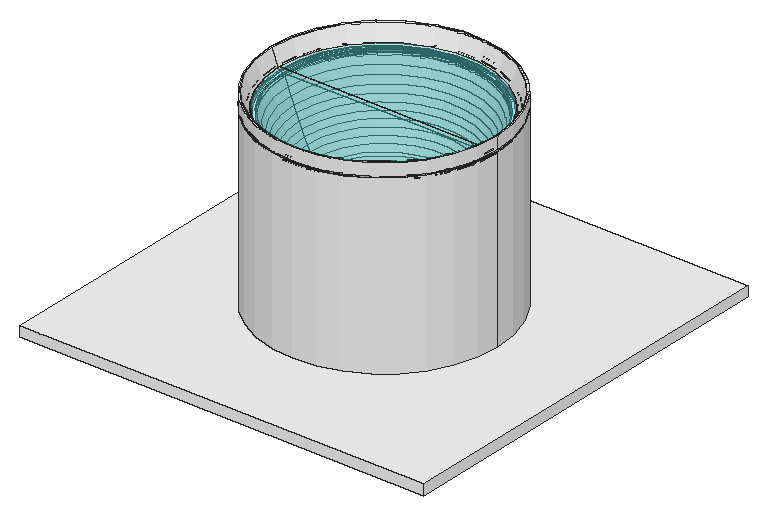
Revit family "BE_24656_de_DE", category Leuchten, Revit 2017
Family settings
  Basisbauteil = Fläche
  Bemaßung runder Anschluss = Durchmesser verwenden
  Teiletyp = Normal
  Beim Laden mit Abzugskörper schneiden = Ja
  Lichtquelle = Ja
  Gemeinsam genutzt = Nein
  Raumberechnungspunkt = Ja
Parameters (values of type "BEGA_24656_Weiß_K4")
  built-in parameter 1150104 = 12.19 (stored number, unit not read)
  Wattage = 71.1 W
  Default Elevation = 0 mm
  built-in parameter 1150113 = 1 (stored number, unit not read)
  built-in parameter 1114218 = 1 (stored number, unit not read)
  Umgebungstemperatur = "25 °C"
  URL = "https://www.bega.com/de/produkt/24656"
  Typenkommentare = "© 2022 BEGA. Wir behalten uns das Recht vor, technische Änderungen ohne vorherige Ankündigung vorzunehmen."  # constant formula
  built-in parameter 1150134 = 12
  built-in parameter 1150109 = 1 (stored number, unit not read)
  Strom = ""
  built-in parameter 1150110 = 1 (stored number, unit not read)
  Spannung = 239.996 V
  Sonderanfertigung = no
  Seriennummer [instance] = "Hier können Sie die eindeutige Seriennummer für das Facility Management eintragen."
  Schutzklasse = "I"
  Schutzart = "IP 65"
  Scheinlast = 0 VA
  Produktdatenblatt = "http://www.bega.de/download/Xrfa/db/24656.db.de.pdf"
  Oberflächentemperatur = ""
  Neigungswinkel = 0.00°
  Modell = "24656WK4"
  Material_20 = BEGA_Platte_Weiss
  Material_18 = BEGA_Gummi_schwarz
  Material_17 = BEGA_Reflektor
  Material_15 = BEGA_Leuchtmedium_matt
  Material_13 = BEGA_Kunststoff_matt
  Material_09 = BEGA_Glas_klar
  Material_06 = BEGA_Oberfläche_Edelstahl_gebürstet
  Material_03 = BEGA_Oberfläche_Weiss_matt
  Material_01 [instance] = BEGA_Oberfläche_Grafit_matt
  M_W = yes
  M_G = no
  Logo = 0
  built-in parameter 1114217 = 1 (stored number, unit not read)
  built-in parameter 1150139 = (empty or 0)
  built-in parameter 1150105 = 742.38 (stored number, unit not read)
  built-in parameter 1150114 = 1 (stored number, unit not read)
  Lumens = 9329.03 lm
  built-in parameter 1150115 = 1 (stored number, unit not read)
  Leuchtenlichtstrom = "9329 lm"
  Leuchtenanzahl = ""
  Lebensdauerkriterien = "L70B50 @ 25 °C = 140000 h"
  Lastklassifizierung = Beleuchtung
  built-in parameter 1150112 = 1 (stored number, unit not read)
  Lampenlichtstrom = "12630 lm"
  Lampe = "LED 71.1 W"
  LED_Modulbezeichnung = "LED-0806/840"
  built-in parameter 1150142 = (empty or 0)
  Hersteller = "BEGA"  # constant formula
  Halbstreuwinkel = ""
  Gewicht = "3.9 kg"
  Gebrauchslageneinschränkung [instance] = ""
  Frequenz = "0/50-60 Hz"
  Farbwiedergabeindex = "CRI > 80"
  Farbtemperaturverschiebung bei Dämpfen der Lampe = <Keine Auswahl>
  Farbtemperatur = "4000 K"
  Color Filter = 16777215
  built-in parameter 1150133 = 10 (stored number, unit not read)
  Energieeffizienzklasse = "LED A++ - A"
  built-in parameter 1150137 = (empty or 0)
  built-in parameter 1150132 = (empty or 0)
  ENEC = ""
  Dimmbar [instance] = "DALI"
  Datei für fotometrisches Netz = "BE_24656K4.IES"
  CE_Konformität = "ja"
  Bestellnummer = "24656WK4"
  Beschreibung_Sonderanfertigung = "Hier können Sie Informationen zur Sonderanfertigung eintragen."
  Beschreibung = "Kompakttiefstrahler"
  built-in parameter 1150106 = 7.4238 (stored number, unit not read)
  Befestigungsbohrung = "Ø 6 mm"
  Befestigungsabstand = "188 mm"
  Ballwurfsicher = ""
  Anschlussleitung = ""
  Anschlussleistung [instance] = "76 W"
  Anschlusskasten = ""
  built-in parameter 1150107 = 4000 (stored number, unit not read)
  built-in parameter 1150102 = (empty or 0)
  built-in parameter 1150138 = (empty or 0)
  Aktualisierung = "2022-01-11T04:00:13"
  Abstand_zur_angestrahlten_Fläche [instance] = ""
  AC/DC = "AC/DC"
Types (4, lengths in mm): name | built-in parameter 1150104 | built-in parameter 1150134 | Modell | M_W | M_G | built-in parameter 1150105 | Lumens | Leuchtenlichtstrom | Lampenlichtstrom | LED_Modulbezeichnung | Farbtemperatur | Datei für fotometrisches Netz | Bestellnummer | built-in parameter 1150106 | built-in parameter 1150107
  BEGA_24656_Weiß_K4 | 12.19 (stored number, unit not read) | 12 | "24656WK4" | yes | no | 742.38 (stored number, unit not read) | 9329.03 lm | "9329 lm" | "12630 lm" | "LED-0806/840" | "4000 K" | "BE_24656K4.IES" | "24656WK4" | 7.4238 (stored number, unit not read) | 4000 (stored number, unit not read)
  BEGA_24656_Grafit_K3 | 11.881 (stored number, unit not read) | (empty or 0) | "24656K3" | no | yes | 723.6 (stored number, unit not read) | 9092.98 lm | "9093 lm" | "12310 lm" | "LED-0806/830" | "3000 K" | "BE_24656K3.IES" | "24656K3" | 7.236 (stored number, unit not read) | 3000 (stored number, unit not read)
  BEGA_24656_Grafit_K4 | 12.19 (stored number, unit not read) | 12 | "24656K4" | no | yes | 742.38 (stored number, unit not read) | 9329.03 lm | "9329 lm" | "12630 lm" | "LED-0806/840" | "4000 K" | "BE_24656K4.IES" | "24656K4" | 7.4238 (stored number, unit not read) | 4000 (stored number, unit not read)
  BEGA_24656_Weiß_K3 | 11.881 (stored number, unit not read) | (empty or 0) | "24656WK3" | yes | no | 723.6 (stored number, unit not read) | 9092.98 lm | "9093 lm" | "12310 lm" | "LED-0806/830" | "3000 K" | "BE_24656K3.IES" | "24656WK3" | 7.236 (stored number, unit not read) | 3000 (stored number, unit not read)
Reference planes
  plane 1 "Mitte (Vorne/Hinten)": y = 0
  plane 2: z = 0
  plane 3 "Mitte (Links/Rechts)": x = 0
  plane 4 "Links": x = -112.5
  plane 5 "Rechts": x = 112.5
  plane 6 "Unten": y = -112.5
  plane 7 "Oben": y = 112.5
  plane 8 "Vorne": z = 189.99
  plane 9 "Hinten": z = 0
Forms (mm)
  Extrusion 1, solid, material "BEGA_Platte_Weiss"
    sketch origin (0, -1119.2, 0) x (1, 0, 0) y (0, 1, 0)
      loop
        line (-200, 1319.2) -> (-200, 919.2) -> (200, 919.2) -> (200, 1319.2) -> (-200, 1319.2)
    from 0 to -10
  Extrusion 2, solid, material "BEGA_Dummy_matt", not visible
    sketch origin (77.149, -76.023, 0) x (1, 0, 0) y (0, 1, 0)
      loop
        circle (-77.149, 76.023) r 112.5
    from 0 to 189.99
Dimensions and locks
  plane 1 "Mitte (Vorne/Hinten)" to Extrusion 1 = 200 mm
  aligned and locked: Extrusion 1 to plane 2
  aligned and locked: level to Extrusion 1
Nested families
  nested 1: "BE_24656" at (0, 0, 0), type "BE_24656"
Connectors
  electrical at (0, 0, 0), driven by "Lastklassifizierung", driven by "Spannung", driven by "Scheinlast"
    settings: index 1, voltage 239.996 V, apparent load 0 VA, apparent load phase1 0 VA, apparent load phase2 0 VA, apparent load phase3 0 VA, power factor 1, load classification "Beleuchtung", number of poles 1, system type 31, power factor state 1, is connector primary yes, connector utility no, sub classification motor no, connector description ""
Definition of nested family "BE_24656"
  Parameters (values of type "BE_24656")
    Default Elevation = 1 mm
    URL = "http://www.bega.de/de/produkt"
    Type Comments = "© 2015 BEGA. Wir behalten uns das Recht vor, technische Änderungen ohne vorherige Ankündigung vorzunehmen. "  # constant formula
    Type Image = (empty or 0)
    Material_20 = none
    Material_18 = none
    Material_17 = none
    Material_15 = none
    Material_13 = none
    Material_09 = none
    Material_06 = none
    Material_03 = none
    Material_01 = none
    M_W = yes
    M_G = yes
    Länge_Platte = 250 mm  # constant formula
    Höhe_Platte = -10 mm  # constant formula
    Manufacturer = "BEGA"  # constant formula
    Breite_Platte = 250 mm  # constant formula
  Reference planes
    plane 1 "Mitte (Oben/Unten)": y = 0
    plane 2: z = 0
    plane 3 "Mitte (Links/Rechts)": x = 0
  Forms (mm)
    Extrusion 1, solid, detail levels medium
      sketch origin (0, 0, 0) x (1, 0, 0) y (0, 1, 0)
        loop
          line (-125, 125) -> (-125, -125) -> (125, -125) -> (125, 125) -> (-125, 125)
      from 0 to -10 <- "Höhe_Platte"
    Revolve 2, solid, material <- "Material_01", visible <- "M_G"
      sketch origin (0, 0, 0) x (1, 0, 0) y (0, 0, 1)
        loop
          line (-112.501, 3) -> (-108.465, 3) -> (-107.871, 20) -> (-105.965, 20) -> (-104.86, 51.65) -> (0, 51.65) -> (0, 56.65) -> (-103.826, 56.65) -> (-107.395, 159) -> (-110.5, 159) -> (-110.5, 174.4) -> (-111.371, 174.4) -> (-111.371, 176) -> (-112.5, 176) -> (-112.501, 3)
        axis (0, 176) -> (0, 3)
      angle from 0 to 360
    Revolve 3, solid, material <- "Material_01", visible <- "M_G"
      sketch origin (0, 0, 0) x (1, 0, 0) y (0, 0, 1)
        loop
          line (-104, 172) -> (-110.834, 189.564)
          arc (-110.834, 189.564) -> (-111.08, 189.873) -> (-111.458, 189.99) r 0.669
          line (-111.458, 189.99) -> (-112.5, 189.99) -> (-112.5, 177.534)
          arc (-112.5, 177.534) -> (-112.344, 177.156) -> (-111.966, 177) r 0.534
          line (-111.966, 177) -> (-109.25, 177)
          arc (-109.25, 177) -> (-107.254, 175.13) -> (-108.991, 173.017) r 2
          arc (-108.991, 173.017) -> (-109.355, 172.823) -> (-109.5, 172.436) r 0.585
          line (-109.5, 172.436) -> (-109.5, 159) -> (-106.936, 159)
          arc (-106.936, 159) -> (-106.334, 159.243) -> (-106.07, 159.836) r 0.866
          line (-106.07, 159.836) -> (-105.75, 169) -> (-100.971, 169)
          arc (-100.971, 169) -> (-100.335, 169.257) -> (-100.056, 169.883) r 0.915
          line (-100.056, 169.883) -> (-100, 171.5) -> (-101.5, 171.5) -> (-101.5, 170.707) -> (-103.955, 170.707) -> (-104, 172)
        axis (0, 189.99) -> (0, 159)
      angle from 0 to 360
    Revolve 4, solid, material <- "Material_18"
      sketch origin (0, 0, 0) x (1, 0, 0) y (0, 0, 1)
        loop
          arc (-109.25, 177) -> (-110.664, 176.414) -> (-111.25, 175) r 2
          arc (-111.25, 175) -> (-110.664, 173.586) -> (-109.25, 173) r 2
          arc (-109.25, 173) -> (-107.25, 175) -> (-109.25, 177) r 2
        axis (0, 177) -> (0, 173)
      angle from 0 to 360
    Revolve 5, solid, material <- "Material_09"
      sketch origin (0, 0, 0) x (1, 0, 0) y (0, 0, 1)
        loop
          line (0, 175.6) -> (-102.93, 175.6) -> (-103.5, 175.03) -> (-103.5, 172.066) -> (-102.934, 171.5) -> (0, 171.5) -> (0, 175.6)
        axis (0, 175.6) -> (0, 171.5)
      angle from 0 to 360
    Revolve 6, solid, material <- "Material_18"
      sketch origin (0, 0, 0) x (1, 0, 0) y (0, 0, 1)
        loop
          line (-103.5, 171.5) -> (-103.5, 170.673) -> (-99, 170.673) -> (-99, 171.5) -> (-103.5, 171.5)
        axis (0, 171.5) -> (0, 170.5)
      angle from 0 to 360
    Revolve 7, solid, material <- "Material_17"
      sketch origin (0, 0, 0) x (1, 0, 0) y (0, 0, 1)
        loop
          line (-98.499, 168.6) -> (-103.937, 168.6) -> (-104, 166.8) -> (-99.234, 166.8) -> (-96.517, 159.791) -> (-95.188, 156.383) -> (-93.177, 151.277) -> (-91.651, 147.453) -> (-90.107, 143.636) -> (-89.001, 140.941) -> (-87.884, 138.252) -> (-86.861, 135.822) -> (-85.826, 133.399) -> (-84.352, 130.007) -> (-82.851, 126.628) -> (-81.32, 123.261) -> (-79.915, 120.247) -> (-78.481, 117.245) -> (-77.124, 114.47) -> (-76.208, 112.633) -> (-75.278, 110.798) -> (-74.328, 108.952) -> (-73.367, 107.11) -> (-71.422, 103.458) -> (-69.445, 99.838) -> (-68.323, 97.819) -> (-67.191, 95.808) -> (-65.833, 93.425) -> (-64.464, 91.05) -> (-63.06, 88.644) -> (-61.646, 86.245) -> (-58.809, 81.501) -> (-55.94, 76.777) -> (-54.013, 73.636) -> (-50.133, 67.372) -> (-45.411, 59.8) -> (-32, 59.8) -> (-32, 61.6) -> (-43.962, 61.6)
          arc (-43.962, 61.6) -> (-44.354, 61.703) -> (-44.646, 61.984) r 0.801
          line (-44.646, 61.984) -> (-45.781, 63.848) -> (-46.489, 64.997) -> (-46.911, 65.674) -> (-47.335, 66.35)
          arc (-47.335, 66.35) -> (-48.476, 68.163) -> (-49.624, 69.972) r 508.367
          line (-49.624, 69.972) -> (-50.469, 71.355)
          arc (-50.469, 71.355) -> (-52.067, 73.998) -> (-53.677, 76.632) r 632.288
          arc (-53.677, 76.632) -> (-55.093, 78.981) -> (-56.516, 81.324) r 780.829
          line (-56.516, 81.324) -> (-57.044, 82.188)
          arc (-57.044, 82.188) -> (-58.714, 84.982) -> (-60.393, 87.77) r 998.619
          arc (-60.393, 87.77) -> (-62.046, 90.579) -> (-63.706, 93.383) r 1233.048
          arc (-63.706, 93.383) -> (-64.614, 94.964) -> (-65.525, 96.544) r 1456.641
          line (-65.525, 96.544) -> (-66.917, 99.035)
          arc (-66.917, 99.035) -> (-68.46, 101.889) -> (-70.008, 104.741) r 1786.746
          arc (-70.008, 104.741) -> (-71.507, 107.616) -> (-73.01, 110.488) r 2175.053
          arc (-73.01, 110.488) -> (-74.462, 113.395) -> (-75.918, 116.3) r 2648.009
          arc (-75.918, 116.3) -> (-77.314, 119.228) -> (-78.714, 122.154) r 3212.444
          line (-78.714, 122.154) -> (-81.414, 128.063) -> (-84.03, 134.015) -> (-86.653, 140.196) -> (-89.321, 146.673) -> (-92.12, 153.639) -> (-95.061, 161.089)
          arc (-95.061, 161.089) -> (-96.445, 164.611) -> (-97.82, 168.136) r 1360.614
          arc (-97.82, 168.136) -> (-98.088, 168.473) -> (-98.499, 168.6) r 0.728
        axis (0, 168.6) -> (0, 59.8)
      angle from 0 to 360
    Revolve 8, solid, material <- "Material_13"
      sketch origin (0, 0, 0) x (1, 0, 0) y (0, 0, 1)
        loop
          arc (-36.617, 65.767) -> (-35.411, 63.376) -> (-33.999, 61.1) r 30.4
          line (-33.999, 61.1) -> (-32, 61.1) -> (-32, 59.8) -> (-33.25, 59.8) -> (-33.25, 58.805) -> (-29.94, 58.805) -> (-29.464, 86.055) -> (0, 86.055) -> (0, 89.498)
          arc (0, 89.498) -> (-1.628, 89.395) -> (-3.23, 89.091) r 13.124
          line (-3.23, 89.091) -> (-3.32, 90.258)
          arc (-3.32, 90.258) -> (-4.919, 89.75) -> (-6.452, 89.066) r 14.895
          line (-6.452, 89.066) -> (-6.733, 90.909)
          arc (-6.733, 90.909) -> (-8.24, 90.037) -> (-9.659, 89.027) r 18.353
          line (-9.659, 89.027) -> (-10.196, 91.412)
          arc (-10.196, 91.412) -> (-11.568, 90.246) -> (-12.846, 88.978) r 23.47
          line (-12.846, 88.978) -> (-13.665, 91.764)
          arc (-13.665, 91.764) -> (-14.882, 90.38) -> (-16.012, 88.924) r 30.207
          line (-16.012, 88.924) -> (-17.108, 91.983)
          arc (-17.108, 91.983) -> (-18.169, 90.451) -> (-19.156, 88.868) r 38.519
          line (-19.156, 88.868) -> (-20.505, 92.101)
          arc (-20.505, 92.101) -> (-21.424, 90.474) -> (-22.279, 88.814) r 48.409
          line (-22.279, 88.814) -> (-23.85, 92.147)
          arc (-23.85, 92.147) -> (-24.643, 90.466) -> (-25.384, 88.762) r 59.932
          line (-25.384, 88.762) -> (-27.144, 92.146)
          arc (-27.144, 92.146) -> (-27.83, 90.438) -> (-28.473, 88.713) r 73.21
          line (-28.473, 88.713) -> (-30.391, 92.117)
          arc (-30.391, 92.117) -> (-31.054, 90.201) -> (-31.672, 88.27) r 88.404
          line (-31.672, 88.27) -> (-33.971, 84.481) -> (-32.288, 84.184)
          arc (-32.288, 84.184) -> (-33.23, 82.114) -> (-33.949, 79.956) r 21.689
          line (-33.949, 79.956) -> (-32.74, 79.956)
          arc (-32.74, 79.956) -> (-33.315, 77.481) -> (-33.575, 74.954) r 20.238
          line (-33.575, 74.954) -> (-34.378, 74.954)
          arc (-34.378, 74.954) -> (-34.311, 72.683) -> (-34, 70.433) r 21.121
          line (-34, 70.433) -> (-35.485, 70.433)
          arc (-35.485, 70.433) -> (-34.859, 68.063) -> (-33.998, 65.767) r 24.447
          line (-33.998, 65.767) -> (-36.617, 65.767)
        axis (0, 92.147) -> (0, 58.805)
      angle from 0 to 360
    Revolve 9, solid, material <- "Material_01", visible <- "M_G"
      sketch origin (0, 0, 0) x (1, 0, 0) y (0, 0, 1)
        loop
          arc (106.545, 16.535) -> (106.173, 17.279) -> (105.358, 17.532) r 1
          arc (105.358, 17.532) -> (103.148, 18.744) -> (103.878, 21.156) r 2
          arc (103.878, 21.156) -> (104.303, 22.279) -> (103.342, 23) r 1
          line (103.342, 23) -> (99.726, 23) -> (99.203, 8) -> (0, 8) -> (0, 5) -> (103.946, 5) -> (104.085, 1) -> (107.087, 1) -> (106.545, 16.535)
        axis (0, 23) -> (0, 1)
      angle from 0 to 360
    Extrusion 10, solid, material <- "Material_20"
      sketch origin (0, 0, 0) x (1, 0, 0) y (0, 0, 1)
        loop
          line (25, 58.2) -> (-25, 58.2) -> (-25, 56.65) -> (25, 56.65) -> (25, 58.2)
      from -60 to 27
    Extrusion 11, void
      sketch origin (0, 0, 0) x (1, 0, 0) y (0, 0, 1)
        loop
          arc (7.847, 12) -> (7.201, 13.579) -> (5.632, 14.25) r 2.247
          line (5.632, 14.25) -> (-5.632, 14.25)
          arc (-5.632, 14.25) -> (-7.201, 13.579) -> (-7.847, 12) r 2.247
          arc (-7.847, 12) -> (-7.204, 10.422) -> (-5.638, 9.75) r 2.247
          line (-5.638, 9.75) -> (5.638, 9.75)
          arc (5.638, 9.75) -> (7.204, 10.422) -> (7.847, 12) r 2.247
        loop
          circle (3.5, 18) r 1.5
        loop
          circle (0, 18) r 1.5
        loop
          circle (-3.5, 18) r 1.5
      from -114.501 to -106.857
    Revolve 12, void
      sketch origin (0, 0, 0) x (0, 1, 0) y (0, 0, 1)
        loop
          line (18, 58.2) -> (0, 58.2) -> (0, 56.65) -> (18, 56.65) -> (18, 58.2)
        axis (0, 58.2) -> (0, 56.65)
      angle from 0 to 360
    Revolve 13, solid, material <- "Material_15"
      sketch origin (0, 0, 0) x (0, 1, 0) y (0, 0, 1)
        loop
          line (0, 57.95) -> (0, 56.654) -> (17.809, 56.654) -> (17.809, 57.95) -> (0, 57.95)
        axis (0, 57.95) -> (0, 56.654)
      angle from 0 to 360
    Revolve 14, solid, material <- "Material_01", visible <- "M_G"
      sketch origin (-94, 0, 0) x (0, 1, 0) y (0, 0, 1)
        loop
          line (-8.445, 5.088) -> (-8.12, 1.369)
          arc (-8.12, 1.369) -> (-7.639, 0.394) -> (-6.626, 0) r 1.5
          line (-6.626, 0) -> (0, 0) -> (0, 5.088) -> (-8.445, 5.088)
        axis (0, 5.088) -> (0, 0)
      angle from 0 to 360
    Revolve 15, solid, material <- "Material_01", visible <- "M_G"
      sketch origin (94, 0, 0) x (0, 1, 0) y (0, 0, -1)
        loop
          line (-8.443, -5.064) -> (0, -5.064) -> (0, 0) -> (-6.626, 0)
          arc (-6.626, 0) -> (-7.639, -0.394) -> (-8.12, -1.369) r 1.5
          line (-8.12, -1.369) -> (-8.443, -5.064)
        axis (0, -5.064) -> (0, 0)
      angle from 0 to 360
    Extrusion 16, void
      sketch origin (0, 0, 0) x (1, 0, 0) y (0, 1, 0)
        loop
          circle (-94, 0) r 3.009
        loop
          circle (94, 0) r 3.009
      from 0 to 25.17
    Revolve 17, void
      sketch origin (0, 0, 0) x (0, 1, 0) y (0, 0, 1)
        loop
          line (98.466, 14.5) -> (98.466, 12) -> (110.145, 12) -> (110.145, 14.5) -> (98.466, 14.5)
        axis (98.466, 12) -> (110.145, 12)
      angle from 0 to 360
    Revolve 18, solid, material <- "Material_06"
      sketch origin (0, 0, 0) x (0, 1, 0) y (0, 0, 1)
        loop
          line (105.5, 12) -> (93.8, 12) -> (93.8, 9.5) -> (104.932, 9.5) -> (105.5, 10.068) -> (105.5, 12)
        axis (93.8, 12) -> (105.5, 12)
      angle from 0 to 360
    Extrusion 19, void
      sketch origin (0, 0, 0) x (1, 0, 0) y (0, 0, 1)
        loop
          line (-1.25, 11.278) -> (0, 10.557) -> (1.25, 11.278) -> (1.25, 12.722) -> (0, 13.443) -> (-1.25, 12.722) -> (-1.25, 11.278)
      from -114.501 to -102.1
    Revolve 20, solid, material <- "Material_03", visible <- "M_W"
      sketch origin (0, 0, 0) x (1, 0, 0) y (0, 0, 1)
        loop
          line (-104, 172) -> (-110.834, 189.564)
          arc (-110.834, 189.564) -> (-111.08, 189.873) -> (-111.458, 189.99) r 0.669
          line (-111.458, 189.99) -> (-112.5, 189.99) -> (-112.5, 177.534)
          arc (-112.5, 177.534) -> (-112.344, 177.156) -> (-111.966, 177) r 0.534
          line (-111.966, 177) -> (-109.25, 177)
          arc (-109.25, 177) -> (-107.254, 175.13) -> (-108.991, 173.017) r 2
          arc (-108.991, 173.017) -> (-109.355, 172.823) -> (-109.5, 172.436) r 0.585
          line (-109.5, 172.436) -> (-109.5, 159) -> (-106.936, 159)
          arc (-106.936, 159) -> (-106.334, 159.243) -> (-106.07, 159.836) r 0.866
          line (-106.07, 159.836) -> (-105.75, 169) -> (-100.971, 169)
          arc (-100.971, 169) -> (-100.335, 169.257) -> (-100.056, 169.883) r 0.915
          line (-100.056, 169.883) -> (-100, 171.5) -> (-101.5, 171.5) -> (-101.5, 170.707) -> (-103.955, 170.707) -> (-104, 172)
        axis (0, 189.99) -> (0, 159)
      angle from 0 to 360
    Revolve 21, solid, material <- "Material_03", visible <- "M_W"
      sketch origin (0, 0, 0) x (1, 0, 0) y (0, 0, 1)
        loop
          line (-112.501, 3) -> (-108.465, 3) -> (-107.871, 20) -> (-105.965, 20) -> (-104.86, 51.65) -> (0, 51.65) -> (0, 56.65) -> (-103.826, 56.65) -> (-107.395, 159) -> (-110.5, 159) -> (-110.5, 174.4) -> (-111.371, 174.4) -> (-111.371, 176) -> (-112.5, 176) -> (-112.501, 3)
        axis (0, 176) -> (0, 3)
      angle from 0 to 360
    Revolve 22, solid, material <- "Material_03", visible <- "M_W"
      sketch origin (0, 0, 0) x (1, 0, 0) y (0, 0, 1)
        loop
          arc (106.545, 16.535) -> (106.173, 17.279) -> (105.358, 17.532) r 1
          arc (105.358, 17.532) -> (103.148, 18.744) -> (103.878, 21.156) r 2
          arc (103.878, 21.156) -> (104.303, 22.279) -> (103.342, 23) r 1
          line (103.342, 23) -> (99.726, 23) -> (99.203, 8) -> (0, 8) -> (0, 5) -> (103.946, 5) -> (104.085, 1) -> (107.087, 1) -> (106.545, 16.535)
        axis (0, 23) -> (0, 1)
      angle from 0 to 360
    Revolve 23, solid, material <- "Material_03", visible <- "M_W"
      sketch origin (-94, 0, 0) x (0, 1, 0) y (0, 0, 1)
        loop
          line (-8.445, 5.088) -> (-8.12, 1.369)
          arc (-8.12, 1.369) -> (-7.639, 0.394) -> (-6.626, 0) r 1.5
          line (-6.626, 0) -> (0, 0) -> (0, 5.088) -> (-8.445, 5.088)
        axis (0, 5.088) -> (0, 0)
      angle from 0 to 360
    Revolve 24, solid, material <- "Material_03", visible <- "M_W"
      sketch origin (94, 0, 0) x (0, 1, 0) y (0, 0, -1)
        loop
          line (-8.443, -5.064) -> (0, -5.064) -> (0, 0) -> (-6.626, 0)
          arc (-6.626, 0) -> (-7.639, -0.394) -> (-8.12, -1.369) r 1.5
          line (-8.12, -1.369) -> (-8.443, -5.064)
        axis (0, -5.064) -> (0, 0)
      angle from 0 to 360
  Cuts and joins
    Extrusion 11, Revolve 12, Extrusion 16, Extrusion 19 cuts Revolve 2
    Extrusion 11, Extrusion 16, Revolve 17, Extrusion 19 cuts Revolve 9
    Revolve 12 cuts Extrusion 10
    Extrusion 16 cuts Revolve 5
    Extrusion 16 cuts Revolve 7
    Extrusion 16 cuts Revolve 14
    Extrusion 16 cuts Revolve 15
    Extrusion 19 cuts Revolve 18
    Extrusion 11 cuts Revolve 21
    Extrusion 16 cuts Revolve 22
    Extrusion 16 cuts Revolve 23
    Extrusion 16 cuts Revolve 24
  Dimensions and locks
    equal spacing: Extrusion 1 sketch curve, plane 3 "Mitte (Links/Rechts)", Extrusion 1 sketch curve
    equal spacing: Extrusion 1 sketch curve, plane 1 "Mitte (Oben/Unten)", Extrusion 1 sketch curve
    "Länge_Platte": Extrusion 1 sketch curve to Extrusion 1 sketch curve
    "Breite_Platte": Extrusion 1 sketch curve to Extrusion 1 sketch curve
    aligned and locked: Extrusion 1 to plane 2
    aligned and locked: level to Extrusion 1
  Automatic sketch dimensions
    Revolve 2 sketch curve to plane 3 "Mitte (Links/Rechts)" = 0 mm  (x2)
    Revolve 2 sketch curve to plane 3 "Mitte (Links/Rechts)" = 103.826 mm
    level to Revolve 2 sketch curve = 51.65 mm
    Revolve 2 sketch curve to Revolve 2 sketch curve = 1.034 mm
    level to Revolve 2 sketch curve = 20 mm
    Revolve 2 sketch curve to Revolve 2 sketch curve = 1.105 mm
    Revolve 2 sketch curve to Revolve 2 sketch curve = 3.569 mm
    Revolve 2 sketch curve to Revolve 2 sketch curve = 1.906 mm
    level to Revolve 2 sketch curve = 3 mm
    Revolve 2 sketch curve to Revolve 2 sketch curve = 0.594 mm
    Revolve 2 sketch curve to Revolve 2 sketch curve = 3.105 mm
    Revolve 2 sketch curve to Revolve 2 sketch curve = 0.871 mm
    Revolve 2 sketch curve to Revolve 2 sketch curve = 1.129 mm
    Revolve 2 sketch curve to Revolve 2 sketch curve = 4.036 mm
    Revolve 2 sketch curve to Revolve 2 sketch curve = 5 mm
    Revolve 2 sketch curve to Revolve 2 sketch curve = 102.35 mm
    Revolve 2 sketch curve to Revolve 2 sketch curve = 15.4 mm
    Revolve 2 sketch curve to Revolve 2 sketch curve = 1.6 mm
    Revolve 2 sketch curve to level = 413.745 mm
    Revolve 2 sketch curve to Revolve 2 sketch curve = 608.868 mm
    Revolve 3 sketch curve to plane 3 "Mitte (Links/Rechts)" = 0 mm
    Revolve 3 sketch curve to plane 3 "Mitte (Links/Rechts)" = 100 mm
    Revolve 3 sketch curve to Revolve 3 sketch curve = 0.056 mm
    Revolve 3 sketch curve to Revolve 3 sketch curve = 0.914 mm
    Revolve 3 sketch curve to Revolve 3 sketch curve = 0.529 mm
    Revolve 3 sketch curve to Revolve 3 sketch curve = 2.455 mm
    Revolve 3 sketch curve to Revolve 3 sketch curve = 0.045 mm
    Revolve 3 sketch curve to Revolve 3 sketch curve = 1.795 mm
    Revolve 3 sketch curve to Revolve 3 sketch curve = 0.32 mm
    Revolve 3 sketch curve to Revolve 3 sketch curve = 0.866 mm
    Revolve 3 sketch curve to Revolve 3 sketch curve = 3.165 mm
    Revolve 3 sketch curve to Revolve 3 sketch curve = 0.335 mm
    Revolve 3 sketch curve to Revolve 3 sketch curve = 2.564 mm  (x2)
    Revolve 3 sketch curve to Revolve 3 sketch curve = 1.584 mm
    Revolve 3 sketch curve to Revolve 3 sketch curve = 0.623 mm
    Revolve 3 sketch curve to Revolve 3 sketch curve = 2.716 mm
    Revolve 3 sketch curve to Revolve 3 sketch curve = 1.042 mm
    level to Revolve 3 sketch curve = 159 mm
    Revolve 3 sketch curve to Revolve 3 sketch curve = 0.836 mm
    Revolve 3 sketch curve to Revolve 3 sketch curve = 9.164 mm
    Revolve 3 sketch curve to Revolve 3 sketch curve = 0.883 mm
    Revolve 3 sketch curve to Revolve 3 sketch curve = 0.792 mm
    Revolve 3 sketch curve to Revolve 3 sketch curve = 1.617 mm
    Revolve 3 sketch curve to Revolve 3 sketch curve = 1.293 mm
    Revolve 3 sketch curve to Revolve 3 sketch curve = 3.436 mm
    Revolve 3 sketch curve to Revolve 3 sketch curve = 2 mm
    Revolve 3 sketch curve to Revolve 3 sketch curve = 11.787 mm
    Revolve 3 sketch curve to Revolve 3 sketch curve = 0.243 mm
    Revolve 3 sketch curve to level = 413.745 mm
    Revolve 3 sketch curve to Revolve 3 sketch curve = 594.877 mm
    Revolve 4 sketch curve to Revolve 4 sketch curve = 0 mm  (x8)
    Revolve 4 sketch curve to plane 3 "Mitte (Links/Rechts)" = 0 mm
    Revolve 4 sketch curve to plane 3 "Mitte (Links/Rechts)" = 109.25 mm
    level to Revolve 4 sketch curve = 175 mm
    Revolve 4 sketch curve to Revolve 4 sketch curve = 2 mm
    Revolve 4 sketch curve to level = 413.745 mm
    Revolve 4 sketch curve to Revolve 4 sketch curve = 607.868 mm
    Revolve 5 sketch curve to plane 3 "Mitte (Links/Rechts)" = 0 mm  (x2)
    Revolve 5 sketch curve to Revolve 5 sketch curve = 102.93 mm
    Revolve 5 sketch curve to Revolve 5 sketch curve = 0.57 mm  (x2)
    level to Revolve 5 sketch curve = 171.5 mm
    Revolve 5 sketch curve to Revolve 5 sketch curve = 3.53 mm
    Revolve 5 sketch curve to Revolve 5 sketch curve = 0.566 mm  (x2)
    Revolve 5 sketch curve to level = 413.745 mm
    Revolve 5 sketch curve to Revolve 5 sketch curve = 609.268 mm
    Revolve 6 sketch curve to plane 3 "Mitte (Links/Rechts)" = 0 mm
    Revolve 6 sketch curve to plane 3 "Mitte (Links/Rechts)" = 99 mm
    Revolve 6 sketch curve to Revolve 6 sketch curve = 4.5 mm
    level to Revolve 6 sketch curve = 170.673 mm
    Revolve 6 sketch curve to Revolve 6 sketch curve = 0.827 mm
    Revolve 6 sketch curve to level = 413.745 mm
    Revolve 6 sketch curve to Revolve 6 sketch curve = 613.368 mm
    Revolve 7 sketch curve to plane 3 "Mitte (Links/Rechts)" = 0 mm
    Revolve 7 sketch curve to plane 3 "Mitte (Links/Rechts)" = 32 mm
    Revolve 7 sketch curve to Revolve 7 sketch curve = 11.962 mm
    Revolve 7 sketch curve to Revolve 7 sketch curve = 0.684 mm
    Revolve 7 sketch curve to Revolve 7 sketch curve = 1.449 mm
    Revolve 7 sketch curve to Revolve 7 sketch curve = 1.135 mm
    Revolve 7 sketch curve to Revolve 7 sketch curve = 0.708 mm
    Revolve 7 sketch curve to Revolve 7 sketch curve = 0.421 mm
    Revolve 7 sketch curve to Revolve 7 sketch curve = 0.425 mm
    Revolve 7 sketch curve to Revolve 7 sketch curve = 2.289 mm
    Revolve 7 sketch curve to Revolve 7 sketch curve = 0.51 mm
    Revolve 7 sketch curve to Revolve 7 sketch curve = 0.845 mm
    Revolve 7 sketch curve to Revolve 7 sketch curve = 3.543 mm
    Revolve 7 sketch curve to Revolve 7 sketch curve = 1.927 mm
    Revolve 7 sketch curve to Revolve 7 sketch curve = 0.576 mm
    Revolve 7 sketch curve to Revolve 7 sketch curve = 0.528 mm
    Revolve 7 sketch curve to Revolve 7 sketch curve = 1.765 mm
    Revolve 7 sketch curve to Revolve 7 sketch curve = 2.836 mm
    Revolve 7 sketch curve to Revolve 7 sketch curve = 1.415 mm
    Revolve 7 sketch curve to Revolve 7 sketch curve = 1.404 mm
    Revolve 7 sketch curve to Revolve 7 sketch curve = 1.061 mm
    Revolve 7 sketch curve to Revolve 7 sketch curve = 1.369 mm
    Revolve 7 sketch curve to Revolve 7 sketch curve = 1.393 mm
    Revolve 7 sketch curve to Revolve 7 sketch curve = 1.666 mm
    Revolve 7 sketch curve to Revolve 7 sketch curve = 1.405 mm
    Revolve 7 sketch curve to Revolve 7 sketch curve = 1.123 mm
    Revolve 7 sketch curve to Revolve 7 sketch curve = 1.977 mm
    Revolve 7 sketch curve to Revolve 7 sketch curve = 1.945 mm
    Revolve 7 sketch curve to Revolve 7 sketch curve = 0.961 mm
    Revolve 7 sketch curve to Revolve 7 sketch curve = 0.95 mm
    Revolve 7 sketch curve to Revolve 7 sketch curve = 0.93 mm
    Revolve 7 sketch curve to Revolve 7 sketch curve = 0.917 mm
    Revolve 7 sketch curve to Revolve 7 sketch curve = 1.357 mm
    Revolve 7 sketch curve to Revolve 7 sketch curve = 0.232 mm
    Revolve 7 sketch curve to Revolve 7 sketch curve = 1.201 mm
    Revolve 7 sketch curve to Revolve 7 sketch curve = 2.606 mm
    Revolve 7 sketch curve to Revolve 7 sketch curve = 0.094 mm
    Revolve 7 sketch curve to Revolve 7 sketch curve = 1.437 mm
    Revolve 7 sketch curve to Revolve 7 sketch curve = 2.616 mm
    Revolve 7 sketch curve to Revolve 7 sketch curve = 2.938 mm
    Revolve 7 sketch curve to Revolve 7 sketch curve = 1.796 mm
    Revolve 7 sketch curve to Revolve 7 sketch curve = 2.623 mm
    Revolve 7 sketch curve to Revolve 7 sketch curve = 1.035 mm
    Revolve 7 sketch curve to Revolve 7 sketch curve = 1.231 mm
    Revolve 7 sketch curve to Revolve 7 sketch curve = 2.348 mm
    Revolve 7 sketch curve to Revolve 7 sketch curve = 0.32 mm
    Revolve 7 sketch curve to Revolve 7 sketch curve = 1.105 mm
    Revolve 7 sketch curve to Revolve 7 sketch curve = 2.33 mm
    Revolve 7 sketch curve to Revolve 7 sketch curve = 0.469 mm
    Revolve 7 sketch curve to Revolve 7 sketch curve = 1.057 mm
    Revolve 7 sketch curve to Revolve 7 sketch curve = 3.068 mm
    Revolve 7 sketch curve to Revolve 7 sketch curve = 1.329 mm
    Revolve 7 sketch curve to Revolve 7 sketch curve = 1.981 mm
    Revolve 7 sketch curve to Revolve 7 sketch curve = 0.735 mm
    Revolve 7 sketch curve to Revolve 7 sketch curve = 4.703 mm
    Revolve 7 sketch curve to Revolve 7 sketch curve = 0.063 mm
    Revolve 7 sketch curve to level = 203.432 mm
    Revolve 7 sketch curve to plane 3 "Mitte (Links/Rechts)" = 478.212 mm
    Revolve 7 sketch curve to Revolve 7 sketch curve = 114.155 mm
    Revolve 7 sketch curve to Revolve 7 sketch curve = 130.739 mm
    Revolve 7 sketch curve to Revolve 7 sketch curve = 191.9 mm
    Revolve 7 sketch curve to Revolve 7 sketch curve = 208.958 mm
    Revolve 7 sketch curve to Revolve 7 sketch curve = 203.208 mm
    Revolve 7 sketch curve to Revolve 7 sketch curve = 312.474 mm
    Revolve 7 sketch curve to Revolve 7 sketch curve = 359.701 mm
    Revolve 7 sketch curve to Revolve 7 sketch curve = 443.163 mm
    Revolve 7 sketch curve to Revolve 7 sketch curve = 533.729 mm
    plane 3 "Mitte (Links/Rechts)" to Revolve 7 sketch curve = 1170.478 mm
    Revolve 7 sketch curve to Revolve 7 sketch curve = 50.996 mm
    Revolve 7 sketch curve to Revolve 7 sketch curve = 70.883 mm
    Revolve 7 sketch curve to Revolve 7 sketch curve = 103.521 mm
    Revolve 7 sketch curve to Revolve 7 sketch curve = 107.277 mm
    Revolve 7 sketch curve to Revolve 7 sketch curve = 95.391 mm
    Revolve 7 sketch curve to Revolve 7 sketch curve = 117.396 mm
    Revolve 7 sketch curve to Revolve 7 sketch curve = 150.606 mm
    Revolve 7 sketch curve to Revolve 7 sketch curve = 172.135 mm
    Revolve 7 sketch curve to Revolve 7 sketch curve = 193.345 mm
    level to Revolve 7 sketch curve = 59.8 mm
    Revolve 7 sketch curve to Revolve 7 sketch curve = 1.8 mm  (x2)
    Revolve 7 sketch curve to Revolve 7 sketch curve = 0.384 mm
    Revolve 7 sketch curve to Revolve 7 sketch curve = 1.864 mm
    Revolve 7 sketch curve to Revolve 7 sketch curve = 1.149 mm
    Revolve 7 sketch curve to Revolve 7 sketch curve = 0.677 mm
    Revolve 7 sketch curve to Revolve 7 sketch curve = 0.676 mm
    Revolve 7 sketch curve to Revolve 7 sketch curve = 2.6 mm
    Revolve 7 sketch curve to Revolve 7 sketch curve = 1.384 mm
    Revolve 7 sketch curve to Revolve 7 sketch curve = 2.281 mm
    Revolve 7 sketch curve to Revolve 7 sketch curve = 3.141 mm
    Revolve 7 sketch curve to Revolve 7 sketch curve = 4.547 mm
    Revolve 7 sketch curve to Revolve 7 sketch curve = 0.177 mm
    Revolve 7 sketch curve to Revolve 7 sketch curve = 0.865 mm
    Revolve 7 sketch curve to Revolve 7 sketch curve = 4.743 mm
    Revolve 7 sketch curve to Revolve 7 sketch curve = 2.399 mm
    Revolve 7 sketch curve to Revolve 7 sketch curve = 2.406 mm
    Revolve 7 sketch curve to Revolve 7 sketch curve = 2.375 mm
    Revolve 7 sketch curve to Revolve 7 sketch curve = 2.383 mm
    Revolve 7 sketch curve to Revolve 7 sketch curve = 0.736 mm
    Revolve 7 sketch curve to Revolve 7 sketch curve = 2.011 mm
    Revolve 7 sketch curve to Revolve 7 sketch curve = 1.215 mm
    Revolve 7 sketch curve to Revolve 7 sketch curve = 2.019 mm
    Revolve 7 sketch curve to Revolve 7 sketch curve = 3.619 mm
    Revolve 7 sketch curve to Revolve 7 sketch curve = 3.652 mm
    Revolve 7 sketch curve to Revolve 7 sketch curve = 1.842 mm
    Revolve 7 sketch curve to Revolve 7 sketch curve = 1.846 mm
    Revolve 7 sketch curve to Revolve 7 sketch curve = 1.835 mm
    Revolve 7 sketch curve to Revolve 7 sketch curve = 1.837 mm
    Revolve 7 sketch curve to Revolve 7 sketch curve = 2.774 mm
    Revolve 7 sketch curve to Revolve 7 sketch curve = 3.003 mm
    Revolve 7 sketch curve to Revolve 7 sketch curve = 1.907 mm
    Revolve 7 sketch curve to Revolve 7 sketch curve = 1.107 mm
    Revolve 7 sketch curve to Revolve 7 sketch curve = 3.366 mm
    Revolve 7 sketch curve to Revolve 7 sketch curve = 1.435 mm
    Revolve 7 sketch curve to Revolve 7 sketch curve = 1.944 mm  (x2)
    Revolve 7 sketch curve to Revolve 7 sketch curve = 3.392 mm
    Revolve 7 sketch curve to Revolve 7 sketch curve = 0.617 mm
    Revolve 7 sketch curve to Revolve 7 sketch curve = 2.424 mm
    Revolve 7 sketch curve to Revolve 7 sketch curve = 2.429 mm
    Revolve 7 sketch curve to Revolve 7 sketch curve = 0.745 mm
    Revolve 7 sketch curve to Revolve 7 sketch curve = 2.695 mm
    Revolve 7 sketch curve to Revolve 7 sketch curve = 3.038 mm
    Revolve 7 sketch curve to Revolve 7 sketch curve = 0.779 mm
    Revolve 7 sketch curve to Revolve 7 sketch curve = 3.824 mm
    Revolve 7 sketch curve to Revolve 7 sketch curve = 2.363 mm
    Revolve 7 sketch curve to Revolve 7 sketch curve = 2.744 mm
    Revolve 7 sketch curve to Revolve 7 sketch curve = 3.407 mm
    Revolve 7 sketch curve to Revolve 7 sketch curve = 7.009 mm
    Revolve 7 sketch curve to Revolve 7 sketch curve = 1.072 mm
    level to Revolve 7 sketch curve = 660.773 mm
    Revolve 7 sketch curve to Revolve 7 sketch curve = 1.252 mm
    Revolve 7 sketch curve to Revolve 7 sketch curve = 1.414 mm
    Revolve 7 sketch curve to Revolve 7 sketch curve = 1.319 mm
    Revolve 7 sketch curve to Revolve 7 sketch curve = 1.457 mm
    Revolve 7 sketch curve to Revolve 7 sketch curve = 0.001 mm
    Revolve 7 sketch curve to Revolve 7 sketch curve = 0 mm  (x2)
    Revolve 7 sketch curve to level = 413.745 mm
    Revolve 7 sketch curve to Revolve 7 sketch curve = 616.268 mm
    Revolve 8 sketch curve to plane 3 "Mitte (Links/Rechts)" = 0 mm  (x2)
    Revolve 8 sketch curve to plane 3 "Mitte (Links/Rechts)" = 3.23 mm
    Revolve 8 sketch curve to Revolve 8 sketch curve = 0.09 mm  (x2)
    Revolve 8 sketch curve to Revolve 8 sketch curve = 3.222 mm
    Revolve 8 sketch curve to Revolve 8 sketch curve = 0.281 mm
    Revolve 8 sketch curve to plane 3 "Mitte (Links/Rechts)" = 8.899 mm
    Revolve 8 sketch curve to Revolve 8 sketch curve = 3.207 mm
    Revolve 8 sketch curve to Revolve 8 sketch curve = 0.537 mm
    Revolve 8 sketch curve to Revolve 8 sketch curve = 2.665 mm
    Revolve 8 sketch curve to Revolve 8 sketch curve = 3.187 mm
    Revolve 8 sketch curve to Revolve 8 sketch curve = 1.478 mm
    Revolve 8 sketch curve to Revolve 8 sketch curve = 0.221 mm
    Revolve 8 sketch curve to Revolve 8 sketch curve = 0.819 mm
    Revolve 8 sketch curve to Revolve 8 sketch curve = 3.166 mm
    Revolve 8 sketch curve to Revolve 8 sketch curve = 1.096 mm
    Revolve 8 sketch curve to Revolve 8 sketch curve = 3.144 mm
    Revolve 8 sketch curve to Revolve 8 sketch curve = 3.397 mm
    Revolve 8 sketch curve to Revolve 8 sketch curve = 3.123 mm
    Revolve 8 sketch curve to Revolve 8 sketch curve = 3.345 mm
    Revolve 8 sketch curve to Revolve 8 sketch curve = 3.105 mm
    Revolve 8 sketch curve to Revolve 8 sketch curve = 3.294 mm
    Revolve 8 sketch curve to Revolve 8 sketch curve = 3.089 mm
    Revolve 8 sketch curve to Revolve 8 sketch curve = 0.991 mm
    Revolve 8 sketch curve to Revolve 8 sketch curve = 16.587 mm
    Revolve 8 sketch curve to Revolve 8 sketch curve = 3.248 mm
    Revolve 8 sketch curve to Revolve 8 sketch curve = 2.208 mm
    Revolve 8 sketch curve to Revolve 8 sketch curve = 2.06 mm
    Revolve 8 sketch curve to Revolve 8 sketch curve = 2.824 mm
    Revolve 8 sketch curve to Revolve 8 sketch curve = 0.451 mm
    Revolve 8 sketch curve to Revolve 8 sketch curve = 1.25 mm
    Revolve 8 sketch curve to Revolve 8 sketch curve = 0.836 mm
    Revolve 8 sketch curve to Revolve 8 sketch curve = 1.21 mm
    Revolve 8 sketch curve to Revolve 8 sketch curve = 1.683 mm
    Revolve 8 sketch curve to Revolve 8 sketch curve = 1.998 mm
    Revolve 8 sketch curve to Revolve 8 sketch curve = 0.749 mm
    Revolve 8 sketch curve to Revolve 8 sketch curve = 0.425 mm
    Revolve 8 sketch curve to Revolve 8 sketch curve = 0.803 mm
    Revolve 8 sketch curve to Revolve 8 sketch curve = 1.485 mm
    Revolve 8 sketch curve to Revolve 8 sketch curve = 2.619 mm
    plane 3 "Mitte (Links/Rechts)" to Revolve 8 sketch curve = 0.012 mm
    plane 3 "Mitte (Links/Rechts)" to Revolve 8 sketch curve = 0.378 mm
    plane 3 "Mitte (Links/Rechts)" to Revolve 8 sketch curve = 1.687 mm
    Revolve 8 sketch curve to Revolve 8 sketch curve = 2.621 mm
    Revolve 8 sketch curve to Revolve 8 sketch curve = 4.096 mm
    Revolve 8 sketch curve to Revolve 8 sketch curve = 5.613 mm
    Revolve 8 sketch curve to Revolve 8 sketch curve = 7.161 mm
    Revolve 8 sketch curve to Revolve 8 sketch curve = 8.768 mm
    Revolve 8 sketch curve to Revolve 8 sketch curve = 10.494 mm
    Revolve 8 sketch curve to Revolve 8 sketch curve = 12.381 mm
    level to Revolve 8 sketch curve = 58.805 mm
    Revolve 8 sketch curve to Revolve 8 sketch curve = 0.995 mm
    Revolve 8 sketch curve to Revolve 8 sketch curve = 1.3 mm
    level to Revolve 8 sketch curve = 62.268 mm
    Revolve 8 sketch curve to Revolve 8 sketch curve = 1.733 mm
    Revolve 8 sketch curve to Revolve 8 sketch curve = 1.728 mm
    Revolve 8 sketch curve to Revolve 8 sketch curve = 4.667 mm  (x2)
    Revolve 8 sketch curve to Revolve 8 sketch curve = 1.755 mm
    Revolve 8 sketch curve to Revolve 8 sketch curve = 1.806 mm
    Revolve 8 sketch curve to Revolve 8 sketch curve = 1.848 mm
    Revolve 8 sketch curve to Revolve 8 sketch curve = 1.822 mm
    Revolve 8 sketch curve to Revolve 8 sketch curve = 1.334 mm
    Revolve 8 sketch curve to Revolve 8 sketch curve = 0.035 mm
    Revolve 8 sketch curve to Revolve 8 sketch curve = 0.297 mm  (x2)
    Revolve 8 sketch curve to Revolve 8 sketch curve = 1.641 mm
    Revolve 8 sketch curve to Revolve 8 sketch curve = 1.228 mm
    Revolve 8 sketch curve to Revolve 8 sketch curve = 0.545 mm
    Revolve 8 sketch curve to Revolve 8 sketch curve = 1.87 mm
    Revolve 8 sketch curve to Revolve 8 sketch curve = 2.216 mm
    Revolve 8 sketch curve to Revolve 8 sketch curve = 2.659 mm
    Revolve 8 sketch curve to Revolve 8 sketch curve = 0.048 mm
    Revolve 8 sketch curve to Revolve 8 sketch curve = 0.052 mm
    Revolve 8 sketch curve to Revolve 8 sketch curve = 0.055 mm
    Revolve 8 sketch curve to Revolve 8 sketch curve = 0.056 mm
    Revolve 8 sketch curve to Revolve 8 sketch curve = 2.786 mm
    Revolve 8 sketch curve to Revolve 8 sketch curve = 2.386 mm
    Revolve 8 sketch curve to Revolve 8 sketch curve = 1.843 mm
    Revolve 8 sketch curve to Revolve 8 sketch curve = 1.166 mm
    Revolve 8 sketch curve to level = 413.745 mm
    Revolve 8 sketch curve to Revolve 8 sketch curve = 692.767 mm
    Revolve 9 sketch curve to plane 3 "Mitte (Links/Rechts)" = 0 mm  (x2)
    level to Revolve 9 sketch curve = 8 mm
    plane 3 "Mitte (Links/Rechts)" to Revolve 9 sketch curve = 99.203 mm
    Revolve 9 sketch curve to Revolve 9 sketch curve = 0.524 mm
    Revolve 9 sketch curve to Revolve 9 sketch curve = 3.616 mm
    level to Revolve 9 sketch curve = 5 mm
    Revolve 9 sketch curve to Revolve 9 sketch curve = 4.743 mm
    level to Revolve 9 sketch curve = 1 mm
    Revolve 9 sketch curve to Revolve 9 sketch curve = 0.14 mm
    Revolve 9 sketch curve to Revolve 9 sketch curve = 1.658 mm
    Revolve 9 sketch curve to Revolve 9 sketch curve = 0.545 mm
    Revolve 9 sketch curve to Revolve 9 sketch curve = 3.002 mm
    Revolve 9 sketch curve to Revolve 9 sketch curve = 8.5 mm
    Revolve 9 sketch curve to Revolve 9 sketch curve = 3 mm
    Revolve 9 sketch curve to Revolve 9 sketch curve = 2.5 mm
    Revolve 9 sketch curve to Revolve 9 sketch curve = 1 mm
    Revolve 9 sketch curve to Revolve 9 sketch curve = 0.536 mm
    Revolve 9 sketch curve to Revolve 9 sketch curve = 0.188 mm
    Revolve 9 sketch curve to Revolve 9 sketch curve = 0.009 mm
    Revolve 9 sketch curve to Revolve 9 sketch curve = 0.999 mm
    level to Revolve 9 sketch curve = 16.535 mm
    Revolve 9 sketch curve to Revolve 9 sketch curve = 0 mm  (x2)
    Revolve 9 sketch curve to level = 413.745 mm
    Revolve 9 sketch curve to Revolve 9 sketch curve = 761.868 mm
    Extrusion 10 sketch curve to plane 3 "Mitte (Links/Rechts)" = 25 mm
    plane 3 "Mitte (Links/Rechts)" to Extrusion 10 sketch curve = 25 mm
    level to Extrusion 10 sketch curve = 56.65 mm
    Extrusion 10 sketch curve to Extrusion 10 sketch curve = 1.55 mm
    Extrusion 11 sketch curve to plane 3 "Mitte (Links/Rechts)" = 0 mm
    Extrusion 11 sketch curve to Extrusion 11 sketch curve = 3.5 mm
    Extrusion 11 sketch curve to plane 3 "Mitte (Links/Rechts)" = 5.6 mm
    Extrusion 11 sketch curve to Extrusion 11 sketch curve = 0 mm  (x4)
    Extrusion 11 sketch curve to Extrusion 11 sketch curve = 0.032 mm  (x2)
    Extrusion 11 sketch curve to Extrusion 11 sketch curve = 0.038 mm  (x2)
    plane 3 "Mitte (Links/Rechts)" to Extrusion 11 sketch curve = 3.5 mm
    plane 3 "Mitte (Links/Rechts)" to Extrusion 11 sketch curve = 5.6 mm
    level to Extrusion 11 sketch curve = 9.75 mm
    Extrusion 11 sketch curve to Extrusion 11 sketch curve = 2.247 mm  (x3)
    Extrusion 11 sketch curve to Extrusion 11 sketch curve = 0.006 mm  (x2)
    Extrusion 11 sketch curve to Extrusion 11 sketch curve = 3.75 mm
    Revolve 12 sketch curve to plane 1 "Mitte (Oben/Unten)" = 0 mm  (x2)
    Revolve 12 sketch curve to plane 1 "Mitte (Oben/Unten)" = 18 mm
    level to Revolve 12 sketch curve = 56.65 mm
    Revolve 12 sketch curve to Revolve 12 sketch curve = 1.55 mm
    Revolve 12 sketch curve to level = 609.6 mm
    Revolve 12 sketch curve to Revolve 12 sketch curve = 2285.607 mm
    Revolve 13 sketch curve to plane 1 "Mitte (Oben/Unten)" = 0 mm  (x2)
    Revolve 13 sketch curve to plane 1 "Mitte (Oben/Unten)" = 17.809 mm
    level to Revolve 13 sketch curve = 56.654 mm
    Revolve 13 sketch curve to Revolve 13 sketch curve = 1.296 mm
    Revolve 13 sketch curve to level = 609.6 mm
    Revolve 13 sketch curve to Revolve 13 sketch curve = 2285.857 mm
    Revolve 14 sketch curve to level = 0 mm
    Revolve 14 sketch curve to plane 1 "Mitte (Oben/Unten)" = 0 mm  (x2)
    plane 1 "Mitte (Oben/Unten)" to Revolve 14 sketch curve = 6.626 mm
    Revolve 14 sketch curve to Revolve 14 sketch curve = 1.82 mm
    Revolve 14 sketch curve to Revolve 14 sketch curve = 1.5 mm
    Revolve 14 sketch curve to Revolve 14 sketch curve = 3.588 mm
    level to Revolve 14 sketch curve = 1.369 mm  (x2)
    Revolve 14 sketch curve to Revolve 14 sketch curve = 0 mm
    Revolve 14 sketch curve to level = 609.6 mm
    Revolve 14 sketch curve to Revolve 14 sketch curve = 2338.718 mm
    Revolve 15 sketch curve to level = 0 mm
    Revolve 15 sketch curve to plane 1 "Mitte (Oben/Unten)" = 0 mm  (x2)
    plane 1 "Mitte (Oben/Unten)" to Revolve 15 sketch curve = 6.626 mm
    Revolve 15 sketch curve to Revolve 15 sketch curve = 1.818 mm
    Revolve 15 sketch curve to Revolve 15 sketch curve = 1.5 mm
    Revolve 15 sketch curve to Revolve 15 sketch curve = 3.564 mm
    level to Revolve 15 sketch curve = 1.369 mm  (x2)
    Revolve 15 sketch curve to Revolve 15 sketch curve = 0 mm
    Revolve 15 sketch curve to Revolve 15 sketch curve = 2338.743 mm
    Revolve 15 sketch curve to level = 609.6 mm
    Extrusion 16 sketch curve to Extrusion 16 sketch curve = 0 mm  (x3)
    plane 1 "Mitte (Oben/Unten)" to Extrusion 16 sketch curve = 0 mm  (x6)
    Extrusion 16 sketch curve to plane 3 "Mitte (Links/Rechts)" = 94 mm
    Extrusion 16 sketch curve to Extrusion 16 sketch curve = 3.009 mm  (x2)
    plane 3 "Mitte (Links/Rechts)" to Extrusion 16 sketch curve = 94 mm
    level to Revolve 18 sketch curve = 12 mm
    Revolve 18 sketch curve to plane 1 "Mitte (Oben/Unten)" = 93.8 mm
    Revolve 18 sketch curve to Revolve 18 sketch curve = 11.7 mm
    Revolve 18 sketch curve to Revolve 18 sketch curve = 2.5 mm
    Revolve 18 sketch curve to Revolve 18 sketch curve = 0.568 mm  (x2)
    level to Revolve 17 sketch curve = 14.5 mm
    Revolve 17 sketch curve to plane 1 "Mitte (Oben/Unten)" = 98.466 mm
    Revolve 17 sketch curve to Revolve 17 sketch curve = 11.679 mm
    Revolve 17 sketch curve to Revolve 17 sketch curve = 2.5 mm
    Revolve 17 sketch curve to Revolve 17 sketch curve = 9.421 mm
    Revolve 17 sketch curve to Revolve 17 sketch curve = 1.083 mm
    Revolve 17 sketch curve to Revolve 17 sketch curve = 0 mm
    plane 3 "Mitte (Links/Rechts)" to Revolve 20 sketch curve = 0 mm
    Revolve 20 sketch curve to plane 3 "Mitte (Links/Rechts)" = 100 mm
    Revolve 20 sketch curve to Revolve 20 sketch curve = 0.056 mm
    Revolve 20 sketch curve to Revolve 20 sketch curve = 0.914 mm
    Revolve 20 sketch curve to Revolve 20 sketch curve = 0.529 mm
    Revolve 20 sketch curve to Revolve 20 sketch curve = 2.455 mm
    Revolve 20 sketch curve to Revolve 20 sketch curve = 0.045 mm
    Revolve 20 sketch curve to Revolve 20 sketch curve = 1.795 mm
    Revolve 20 sketch curve to Revolve 20 sketch curve = 0.32 mm
    Revolve 20 sketch curve to Revolve 20 sketch curve = 0.866 mm
    Revolve 20 sketch curve to Revolve 20 sketch curve = 3.165 mm
    Revolve 20 sketch curve to Revolve 20 sketch curve = 0.335 mm
    Revolve 20 sketch curve to Revolve 20 sketch curve = 2.564 mm  (x2)
    Revolve 20 sketch curve to Revolve 20 sketch curve = 1.584 mm
    Revolve 20 sketch curve to Revolve 20 sketch curve = 0.623 mm
    Revolve 20 sketch curve to Revolve 20 sketch curve = 2.716 mm
    Revolve 20 sketch curve to Revolve 20 sketch curve = 1.042 mm
    level to Revolve 20 sketch curve = 159 mm
    Revolve 20 sketch curve to Revolve 20 sketch curve = 0.836 mm
    Revolve 20 sketch curve to Revolve 20 sketch curve = 9.164 mm
    Revolve 20 sketch curve to Revolve 20 sketch curve = 0.883 mm
    Revolve 20 sketch curve to Revolve 20 sketch curve = 0.792 mm
    Revolve 20 sketch curve to Revolve 20 sketch curve = 1.617 mm
    Revolve 20 sketch curve to Revolve 20 sketch curve = 1.293 mm
    Revolve 20 sketch curve to Revolve 20 sketch curve = 3.436 mm
    Revolve 20 sketch curve to Revolve 20 sketch curve = 2 mm
    Revolve 20 sketch curve to Revolve 20 sketch curve = 11.787 mm
    Revolve 20 sketch curve to Revolve 20 sketch curve = 0.243 mm
    Revolve 20 sketch curve to level = 413.745 mm
    Revolve 20 sketch curve to Revolve 20 sketch curve = 594.877 mm
    Revolve 21 sketch curve to plane 3 "Mitte (Links/Rechts)" = 0 mm  (x2)
    Revolve 21 sketch curve to Revolve 21 sketch curve = 103.826 mm
    level to Revolve 21 sketch curve = 51.65 mm
    Revolve 21 sketch curve to Revolve 21 sketch curve = 1.034 mm
    level to Revolve 21 sketch curve = 20 mm
    Revolve 21 sketch curve to Revolve 21 sketch curve = 1.105 mm
    Revolve 21 sketch curve to Revolve 21 sketch curve = 3.569 mm
    Revolve 21 sketch curve to Revolve 21 sketch curve = 1.906 mm
    level to Revolve 21 sketch curve = 3 mm
    Revolve 21 sketch curve to Revolve 21 sketch curve = 0.594 mm
    Revolve 21 sketch curve to Revolve 21 sketch curve = 3.105 mm
    Revolve 21 sketch curve to Revolve 21 sketch curve = 0.871 mm
    Revolve 21 sketch curve to Revolve 21 sketch curve = 1.129 mm
    Revolve 21 sketch curve to Revolve 21 sketch curve = 4.036 mm
    Revolve 21 sketch curve to Revolve 21 sketch curve = 5 mm
    Revolve 21 sketch curve to Revolve 21 sketch curve = 102.35 mm
    Revolve 21 sketch curve to Revolve 21 sketch curve = 15.4 mm
    Revolve 21 sketch curve to Revolve 21 sketch curve = 1.6 mm
    Revolve 21 sketch curve to level = 413.745 mm
    Revolve 21 sketch curve to Revolve 21 sketch curve = 608.868 mm
    plane 3 "Mitte (Links/Rechts)" to Revolve 22 sketch curve = 0 mm
    Revolve 22 sketch curve to plane 3 "Mitte (Links/Rechts)" = 0 mm
    level to Revolve 22 sketch curve = 8 mm
    plane 3 "Mitte (Links/Rechts)" to Revolve 22 sketch curve = 99.203 mm
    Revolve 22 sketch curve to Revolve 22 sketch curve = 0.524 mm
    Revolve 22 sketch curve to Revolve 22 sketch curve = 3.616 mm
    level to Revolve 22 sketch curve = 5 mm
    Revolve 22 sketch curve to Revolve 22 sketch curve = 4.743 mm
    level to Revolve 22 sketch curve = 1 mm
    Revolve 22 sketch curve to Revolve 22 sketch curve = 0.14 mm
    Revolve 22 sketch curve to Revolve 22 sketch curve = 1.658 mm
    Revolve 22 sketch curve to Revolve 22 sketch curve = 0.545 mm
    Revolve 22 sketch curve to Revolve 22 sketch curve = 3.002 mm
    Revolve 22 sketch curve to Revolve 22 sketch curve = 8.5 mm
    Revolve 22 sketch curve to Revolve 22 sketch curve = 3 mm
    Revolve 22 sketch curve to Revolve 22 sketch curve = 2.5 mm
    Revolve 22 sketch curve to Revolve 22 sketch curve = 1 mm
    Revolve 22 sketch curve to Revolve 22 sketch curve = 0.536 mm
    Revolve 22 sketch curve to Revolve 22 sketch curve = 0.188 mm
    Revolve 22 sketch curve to Revolve 22 sketch curve = 0.009 mm
    Revolve 22 sketch curve to Revolve 22 sketch curve = 0.999 mm
    level to Revolve 22 sketch curve = 16.535 mm
    Revolve 22 sketch curve to Revolve 22 sketch curve = 0 mm  (x2)
    Revolve 22 sketch curve to level = 413.745 mm
    Revolve 22 sketch curve to Revolve 22 sketch curve = 761.868 mm
    Revolve 23 sketch curve to level = 0 mm
    Revolve 23 sketch curve to plane 1 "Mitte (Oben/Unten)" = 0 mm  (x2)
    plane 1 "Mitte (Oben/Unten)" to Revolve 23 sketch curve = 6.626 mm
    Revolve 23 sketch curve to Revolve 23 sketch curve = 1.82 mm
    level to Revolve 23 sketch curve = 1.5 mm
    Revolve 23 sketch curve to Revolve 23 sketch curve = 3.588 mm
    level to Revolve 23 sketch curve = 1.369 mm  (x2)
    Revolve 23 sketch curve to Revolve 23 sketch curve = 0 mm
    Revolve 23 sketch curve to Revolve 23 sketch curve = 609.6 mm
    Revolve 23 sketch curve to Revolve 23 sketch curve = 2338.718 mm
    Revolve 24 sketch curve to level = 0 mm
    Revolve 24 sketch curve to plane 1 "Mitte (Oben/Unten)" = 0 mm  (x2)
    plane 1 "Mitte (Oben/Unten)" to Revolve 24 sketch curve = 6.626 mm
    Revolve 24 sketch curve to Revolve 24 sketch curve = 1.818 mm
    level to Revolve 24 sketch curve = 1.5 mm
    Revolve 24 sketch curve to Revolve 24 sketch curve = 3.564 mm
    level to Revolve 24 sketch curve = 1.369 mm  (x2)
    Revolve 24 sketch curve to Revolve 24 sketch curve = 0 mm
    Revolve 24 sketch curve to Revolve 24 sketch curve = 2338.743 mm
    Revolve 24 sketch curve to Revolve 24 sketch curve = 609.6 mm
    radius of Extrusion 11 sketch curve = 1.5 mm  (x3)
